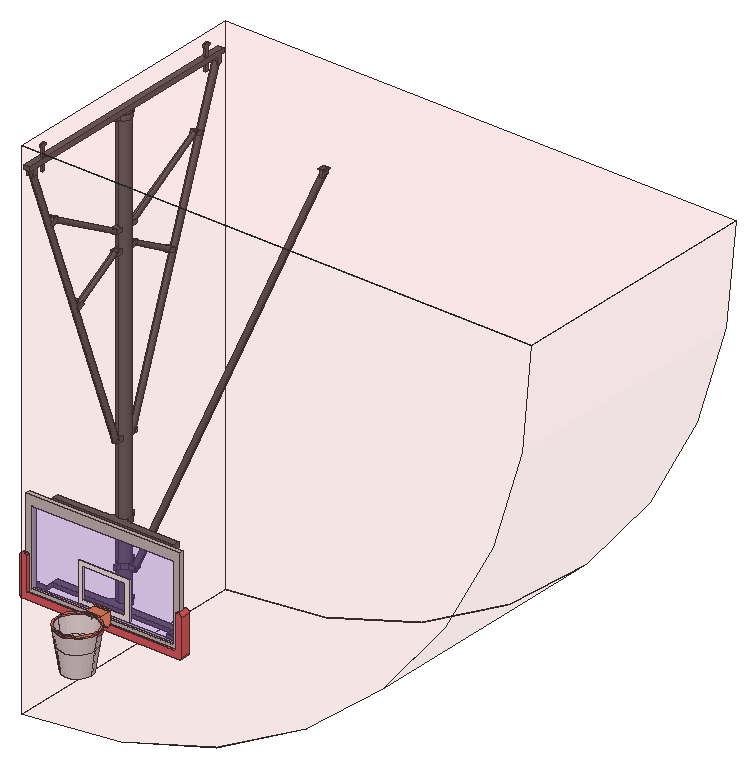
Revit family "Gymnasium-Eqpt_Basketball_IPIbybison_IP1345SF-XtraHeight", category Specialty Equipment, Revit 2018
Family settings
  Round Connector Dimension = Use Diameter
  Part Type = Normal
  Always vertical = Yes
  Cut with Voids When Loaded = No
  Shared = No
  Room Calculation Point = No
Parameters (values of type "Right Fold")
  swingvis [instance] = and(Swing Clearance Visible, or(Fold Left, Fold Right))  # yes
  swingangle [instance] = if(Fold Left, 90.00°, -90.00°)  # -90.00°
  Warranty Duration (Years) = 0
  Unit Weight [instance] = 0
  URL = "https://ipibybison.com/"
  Swing Clearance Visible [instance] = yes
  Specification = ""
  SpecWizard = ""
  Set Frame Below Truss Level [instance] = -0' - 1"
  Sales Information = "https://ipibybison.com/ArchitectsPage.php"
  Rim Color [instance] = Plastic - IPI by Bison - Orange OR
  Revision = "R1_01-2018"
  Product Properties = ""
  Product Data = "http://www.arcat.com/arcatcos/cos49/arc49571.html"
  Net Color [instance] = Finish - IPI by Bison - White Netting
  Model = "IP1345SFR 23'"
  Manufacturer Website = "https://ipibybison.com/"
  Manufacturer Phone - Toll Free = "800-637-7968"
  Manufacturer Phone = ""
  Manufacturer Fax = "800-638-0698"
  Manufacturer Address = "603 L St  Lincoln, NE 68508"
  Manufacturer = "IPI by Bison"
  Maintenance Schedule (Months) = 0
  Installation-Fabrication = ""
  Installation Phase = ""
  Green Building-LEED = ""
  Glass [instance] = Glass
  Frame Finish [instance] = Finish - IPI by Bison - Black
  Folding Clearance [instance] = ARCAT Clearance
  Fold Right = yes
  Fold Left = no
  F_Length of Piping Below Brace Point [instance] = 1' - 6"
  FF to Top of Hoop [instance] = 10' - 0"
  Expected Lifespan (Years) = 0
  Drawn By = "Sumex Design, Inc. / Robert S. Weygant, CSI, CDT, SCIP"
  Description = "IPI by Bison Right Side Folding Basketball Frame and Backboard - IP1345SFR 28' as Specified"
  Copyright = "©Arcat Inc."
  Construction Details = ""
  Backboard Type = Backboard_BA42XLGlass : Backboard_BA42XLGlass
  Backboard Square Color [instance] = Finish - IPI by Bison - White
  Backboard Padding Color [instance] = Plastic - IPI by Bison - Scarlet SC
  Backboard Frame Color [instance] = Finish - IPI by Bison - Satin Aluminum
  Backboard Distance from Wall [instance] = 7' - 0"
  B_Distance Between Y Frame Supports [instance] = 8' - 0"  # constant formula
  Available Options = "as Specified"
  A_Distance to Brace [instance] = 7' - 10"
Types (2): name | swingangle | Model | Fold Right | Fold Left | Description
  Right Fold | -90.00° | "IP1345SFR 23'" | yes | no | "IPI by Bison Right Side Folding Basketball Frame and Backboard - IP1345SFR 28' as Specified"
  Left Fold | 90.00° | "IP1345SFL 23'" | no | yes | "IPI by Bison Left Side Folding Basketball Frame and Backboard - IP1345SFL 28' as Specified"
Reference planes (in)
  plane 1 "Center (Front/Back)": y = 0
  plane 2: z = 0
  plane 3 "Center (Left/Right)": x = 0
  plane 4: y = -84
  plane 5: z = 120
  plane 6: y = -132
  plane 7: y = -36
Forms (in)
  Revolve 1, solid, material "ARCAT Clearance" <- "Folding Clearance", visible <- "swingvis"
    sketch origin (0, 0, 0) x (0, 1, 0) y (0, 0, 1)
      loop
        line (-144, 336) -> (-144, 96) -> (-24, 96) -> (-24, 336) -> (-144, 336)
      axis (-144, 336) -> (-24, 336)
    angle from 0 to -90 <- "swingangle"
Dimensions and locks (in)
  "Backboard Distance from Wall": plane 4 to plane 1 "Center (Front/Back)"
  "FF to Top of Hoop": plane 5 to level
  equal spacing: plane 6, plane 4, plane 7
  "B_Distance Between Y Frame Supports": plane 6 to plane 7
  locked: Revolve 1 sketch curve to plane 5 at 24
  locked: Revolve 1 sketch curve to plane 6 at 12
  locked: plane 7 to Revolve 1 sketch curve at 12
  aligned and locked: level to plane 2
  aligned and locked: plane 4 to nested 1
  aligned and locked: nested 2 to plane 3 "Center (Left/Right)"
  aligned and locked: nested 3 to plane 3 "Center (Left/Right)"
  aligned and locked: nested 2 to plane 4
  aligned and locked: plane 4 to nested 3
  aligned and locked: Revolve 1 sketch curve to level  (x2)
Automatic sketch dimensions
  plane 1 "Center (Front/Back)" to Revolve 1 sketch curve = 0' - 4"
  Revolve 1 sketch curve to plane 1 "Center (Front/Back)" = 1' - 9"
Nested families (in)
  nested 1: "Backboard_BA42XLGlass" at (0, -84, 120) x (-1, 0, 0) z (0, 0, 1), built-in parameter 1001364 <- "FF to Top of Hoop", backboard color <- "Backboard Frame Color", backboard square color <- "Backboard Square Color", frame finish <- "Frame Finish", glass <- "Glass", rim finish <- "Rim Color", net color <- "Net Color", padding color <- "Backboard Padding Color", height offset <- "FF to Top of Hoop", type "Backboard_BA42XLGlass"
    with rim finish Plastic - IPI by Bison - Orange OR, padding color Plastic - IPI by Bison - Scarlet SC, net color Finish - IPI by Bison - White Netting, height offset 10' - 0", glass Glass, frame finish Finish - IPI by Bison - Black, backboard square color Finish - IPI by Bison - White, backboard color Finish - IPI by Bison - Satin Aluminum
  nested 2: "Frame_RFRB28" at (0, -84, 335) x (0, -1, 0) z (0, 0, 1), built-in parameter 1001364 <- "Set Frame Below Truss Level", a <- "A_Distance to Brace", b <- "B_Distance Between Y Frame Supports", f <- "F_Length of Piping Below Brace Point", frame <- "Frame Finish", visible <- "Fold Right", type "Frame_RFRB28"
    with frame Finish - IPI by Bison - Black, f 1' - 6", b 8' - 0", a 7' - 10"
  nested 3: "Frame_RFRB28" at (0, -84, 335) x (0, -1, 0) z (0, 0, 1), built-in parameter 1001364 <- "Set Frame Below Truss Level", a <- "A_Distance to Brace", b <- "B_Distance Between Y Frame Supports", f <- "F_Length of Piping Below Brace Point", frame <- "Frame Finish", visible <- "Fold Left", type "Frame_RFRB28"
    with frame Finish - IPI by Bison - Black, f 1' - 6", b 8' - 0", a 7' - 10"
Definition of nested family "Backboard_BA42XLGlass"
  Parameters (values of type "Backboard_BA42XLGlass")
    padding color [instance] = none
    net color [instance] = none
    rim finish [instance] = none
    height offset [instance] = 9' - 6"
    glass [instance] = none
    frame finish [instance] = none
    backboard square color [instance] = none
    backboard color [instance] = none
    Default Elevation = 4' - 0"
  Reference planes (in)
    plane 1 "Center (Front/Back)": y = 0
    plane 2: z = 0
    plane 3 "Center (Left/Right)": x = 0
    plane 4: z = -114
  Forms (in)
    Extrusion 1, solid, material <- "backboard color"
      sketch origin (-8.43545, 11.2937, 28.94441) x (1, 0, 0) y (0, 0, 1)
        loop
          line (-27.56455, 6.99989) -> (-27.56455, -35.00011) -> (44.43545, -35.00011) -> (44.43545, 6.99989) -> (-27.56455, 6.99989)
        loop
          line (41.81045, 2.74989) -> (-24.93955, 2.74989) -> (-24.93955, -32.37511) -> (41.81045, -32.37511) -> (41.81045, 2.74989)
      from 1.125 to -1.125
    Extrusion 2, solid, material <- "padding color"
      sketch origin (-8.43545, 11.2937, 29.06941) x (1, 0, 0) y (0, 0, 1)
        loop
          line (-27.55038, -17.62511) -> (-27.80038, -17.62511)
          arc (-27.80038, -17.62511) -> (-29.03781, -18.13767) -> (-29.55038, -19.37511) r 1.75
          line (-29.55038, -19.37511) -> (-29.55038, -36.12511)
          arc (-29.55038, -36.12511) -> (-29.25748, -36.83222) -> (-28.55038, -37.12511) r 1
          line (-28.55038, -37.12511) -> (45.44962, -37.12511)
          arc (45.44962, -37.12511) -> (46.15673, -36.83222) -> (46.44962, -36.12511) r 1
          line (46.44962, -36.12511) -> (46.44962, -19.37511)
          arc (46.44962, -19.37511) -> (45.93706, -18.13767) -> (44.69962, -17.62511) r 1.75
          line (44.69962, -17.62511) -> (44.42127, -17.62511)
          arc (44.42127, -17.62511) -> (43.71416, -17.918) -> (43.42127, -18.62511) r 1
          line (43.42127, -18.62511) -> (43.42127, -33.98376) -> (-26.55038, -33.98376) -> (-26.55038, -18.62511)
          arc (-26.55038, -18.62511) -> (-26.84327, -17.918) -> (-27.55038, -17.62511) r 1
      from -2.18697 to 2.14819
    Revolve 3, solid, material <- "net color"
      sketch origin (-8.43545, 27.4812, 28.93687) x (1, 0, 0) y (0, 0, 1)
        loop
          circle (-0.85808, -29.24642) r 0.3125
        loop
          line (-1.03195, -29.9762) -> (0.27041, -37.36226) -> (1.80132, -48.25521) -> (2.05377, -48.25521) -> (0.51737, -37.32314) -> (-0.77809, -29.9762) -> (-1.03195, -29.9762)
        axis (8.43545, -48.25521) -> (8.43545, -29.24642)
      angle from 0 to 360
    Revolve 4, solid, material <- "rim finish"
      sketch origin (0.02792, 11.2937, 0) x (0, 1, 0) y (0, 0, 1)
        loop
          line (6.79001, -0.625) -> (6.54001, -0.625) -> (6.54001, -2.125) -> (6.79001, -2.125) -> (6.79001, -0.625)
        axis (16.04001, -2.125) -> (16.04001, -0.625)
      angle from -90 to 90
    Extrusion 5, solid, material <- "rim finish"
      sketch origin (0, 0, 0) x (0, 1, 0) y (0, 0, 1)
        loop
          line (17.69724, 0) -> (12.8212, 0) -> (13.12361, 1.21287) -> (12.79369, 1.29513) -> (12.47078, 0) -> (12.47078, -6.5) -> (13.63137, -6.5) -> (17.69724, -2.43414) -> (17.69724, 0)
      from -3.50075 to 3.49925
    Extrusion 6, solid, material <- "backboard square color"
      sketch origin (0.02792, 11.2937, 0) x (1, 0, 0) y (0, 0, 1)
        loop
          line (-12.02792, 16.0023) -> (-12.02792, -1.9977) -> (11.97208, -1.9977) -> (11.97208, 16.0023) -> (-12.02792, 16.0023)
        loop
          line (-10.02792, 14.0023) -> (-10.02792, 0) -> (9.97208, 0) -> (9.97208, 14.0023) -> (-10.02792, 14.0023)
      from -0.44333 to 0.05679
    Extrusion 7, solid, material <- "glass"
      sketch origin (0.02792, 11.2937, 0) x (1, 0, 0) y (0, 0, 1)
        loop
          line (-33.40292, 31.6943) -> (-33.40292, -3.4307) -> (33.34708, -3.4307) -> (33.34708, 31.6943) -> (-33.40292, 31.6943)
      from -0.405 to 0
    Extrusion 8, solid, material <- "frame finish"
      sketch origin (0, 11.2937, 0) x (1, 0, 0) y (0, 1, 0)
        loop
          line (-28.5, -7.7495) -> (-6, -7.7495) -> (-6, -8.1245) -> (-4.12188, -8.1245) -> (-3.02199, -10.02957)
          arc (-3.02199, -10.02957) -> (-2.89931, -12.81607) -> (-0.66175, -14.4813) r 3.25
          line (-0.66175, -14.4813) -> (-0.66175, -16.28845) -> (0.60591, -16.28845) -> (0.60591, -14.4813)
          arc (0.60591, -14.4813) -> (2.82905, -12.84298) -> (2.98938, -10.08605) r 3.25
          line (2.98938, -10.08605) -> (4.12188, -8.1245) -> (6, -8.1245) -> (6, -7.7495) -> (28.5, -7.7495) -> (28.5, -1.4995) -> (33, -1.4995) -> (33, -1.125) -> (28.25, -1.125) -> (28.25, -4.7495) -> (-28.25, -4.7495) -> (-28.25, -1.125) -> (-33, -1.125) -> (-33, -1.4995) -> (-28.5, -1.4995) -> (-28.5, -7.7495)
      from -3.4307 to -1.5237
    Extrusion 9, solid, material <- "frame finish"
      sketch origin (0, 11.2937, 0) x (1, 0, 0) y (0, 1, 0)
        loop
          line (-28.5, -7.7495) -> (-6, -7.7495) -> (-6, -8.1245) -> (-4.12188, -8.1245) -> (-3.02199, -10.02957)
          arc (-3.02199, -10.02957) -> (-2.89931, -12.81607) -> (-0.66175, -14.4813) r 3.25
          line (-0.66175, -14.4813) -> (-0.66175, -16.28845) -> (0.60591, -16.28845) -> (0.60591, -14.4813)
          arc (0.60591, -14.4813) -> (2.82905, -12.84298) -> (2.98938, -10.08605) r 3.25
          line (2.98938, -10.08605) -> (4.12188, -8.1245) -> (6, -8.1245) -> (6, -7.7495) -> (28.5, -7.7495) -> (28.5, -1.4995) -> (33, -1.4995) -> (33, -1.125) -> (28.25, -1.125) -> (28.25, -4.7495) -> (-28.25, -4.7495) -> (-28.25, -1.125) -> (-33, -1.125) -> (-33, -1.4995) -> (-28.5, -1.4995) -> (-28.5, -7.7495)
      from 31.75979 to 34.1423
  Lines and regions (in)
    model lines
      curve 1: line (-0.00075, 0, 0) -> (-0.00075, 0, -114)
  Dimensions and locks (in)
    "height offset": level to plane 4
    aligned and locked: plane 2 to level
    aligned and locked: plane 4 to curve 1
  Automatic sketch dimensions
    curve 1 to level = 0' - 0"
    curve 1 to plane 3 "Center (Left/Right)" = 0' - 0.00075"
    Extrusion 1 sketch curve to plane 3 "Center (Left/Right)" = 3' - 0"
    Extrusion 1 sketch curve to Extrusion 1 sketch curve = 0' - 2 5/8"  (x2)
    plane 3 "Center (Left/Right)" to Extrusion 1 sketch curve = 2' - 9 3/8"
    Extrusion 1 sketch curve to level = 0' - 6.0557"
    Extrusion 1 sketch curve to level = 0' - 3.4307"
    level to Extrusion 1 sketch curve = 2' - 7.6943"
    Extrusion 1 sketch curve to Extrusion 1 sketch curve = 0' - 4 1/4"
    level to Extrusion 2 sketch curve = 0' - 9.6943"
    Extrusion 2 sketch curve to plane 3 "Center (Left/Right)" = 3' - 1.98582"
    Extrusion 2 sketch curve to Extrusion 2 sketch curve = 0' - 1"  (x4)
    Extrusion 2 sketch curve to Extrusion 2 sketch curve = 0' - 1 3/4"
    Extrusion 2 sketch curve to Extrusion 2 sketch curve = 0' - 0 1/4"
    level to Extrusion 2 sketch curve = 0' - 10.4443"
    plane 3 "Center (Left/Right)" to Extrusion 2 sketch curve = 2' - 10.98582"
    Extrusion 2 sketch curve to Extrusion 2 sketch curve = 0' - 0.27835"
    Extrusion 2 sketch curve to Extrusion 2 sketch curve = 0' - 2.02835"
    Extrusion 2 sketch curve to level = 0' - 4.91435"
    Extrusion 2 sketch curve to Extrusion 2 sketch curve = 0' - 2.14135"
    Revolve 3 sketch curve to plane 3 "Center (Left/Right)" = 0' - 0"
    Revolve 3 sketch curve to plane 3 "Center (Left/Right)" = 0' - 6.38167"
    Revolve 3 sketch curve to Revolve 3 sketch curve = 0' - 0.25246"
    Revolve 3 sketch curve to plane 3 "Center (Left/Right)" = 0' - 7.91808"
    Revolve 3 sketch curve to Revolve 3 sketch curve = 0' - 0.24696"
    Revolve 3 sketch curve to level = 0' - 1.03933"
    Revolve 3 sketch curve to Revolve 3 sketch curve = 0' - 1.0485"
    Revolve 3 sketch curve to level = 0' - 0.30954"
    Revolve 3 sketch curve to Revolve 3 sketch curve = 0' - 0.07999"
    Revolve 3 sketch curve to Revolve 3 sketch curve = 0' - 0.25386"
    Revolve 3 sketch curve to Revolve 3 sketch curve = 0' - 7.34694"
    Revolve 3 sketch curve to Revolve 3 sketch curve = 0' - 0.03911"
    Revolve 3 sketch curve to Revolve 3 sketch curve = 0' - 10.89295"
    Revolve 3 sketch curve to level = 0' - 0.00754"
    level to Revolve 3 sketch curve = 0' - 2.99246"
    Revolve 4 sketch curve to level = 0' - 2 1/8"
    Revolve 4 sketch curve to plane 1 "Center (Front/Back)" = 1' - 5.83371"
    Revolve 4 sketch curve to Revolve 4 sketch curve = 0' - 0 1/4"
    Revolve 4 sketch curve to level = 0' - 0 5/8"  (x2)
    Revolve 4 sketch curve to Revolve 4 sketch curve = 0' - 9 1/4"
    level to Revolve 4 sketch curve = 0' - 3 1/8"
    Extrusion 5 sketch curve to level = 0' - 0"  (x2)
    Extrusion 5 sketch curve to plane 1 "Center (Front/Back)" = 1' - 0.47078"
    level to Extrusion 5 sketch curve = 0' - 1.29513"
    Extrusion 5 sketch curve to Extrusion 5 sketch curve = 0' - 0.32291"
    Extrusion 5 sketch curve to Extrusion 5 sketch curve = 0' - 0.35043"
    Extrusion 5 sketch curve to Extrusion 5 sketch curve = 0' - 1.16059"
    Extrusion 5 sketch curve to Extrusion 5 sketch curve = 0' - 4.57363"
    Extrusion 5 sketch curve to Extrusion 5 sketch curve = 0' - 2.43414"
    Extrusion 5 sketch curve to Extrusion 5 sketch curve = 0' - 6 1/2"
    Extrusion 6 sketch curve to level = 0' - 0"
    Extrusion 6 sketch curve to level = 0' - 1.9977"
    Extrusion 6 sketch curve to plane 3 "Center (Left/Right)" = 1' - 0"
    Extrusion 6 sketch curve to Extrusion 6 sketch curve = 0' - 2"  (x3)
    plane 3 "Center (Left/Right)" to Extrusion 6 sketch curve = 0' - 10"
    Extrusion 6 sketch curve to Extrusion 6 sketch curve = 1' - 2.0023"
    Extrusion 7 sketch curve to plane 3 "Center (Left/Right)" = 2' - 9 3/8"
    Extrusion 7 sketch curve to level = 0' - 3.4307"
    plane 3 "Center (Left/Right)" to Extrusion 7 sketch curve = 2' - 9 3/8"
    level to Extrusion 7 sketch curve = 2' - 7.6943"
    Extrusion 8 sketch curve to Extrusion 8 sketch curve = 0' - 0"  (x3)
    plane 1 "Center (Front/Back)" to Extrusion 8 sketch curve = 0' - 0"
    Extrusion 8 sketch curve to plane 1 "Center (Front/Back)" = 0' - 9.7942"
    Extrusion 8 sketch curve to plane 3 "Center (Left/Right)" = 2' - 9"
    Extrusion 8 sketch curve to plane 1 "Center (Front/Back)" = 0' - 3.5442"
    Extrusion 8 sketch curve to Extrusion 8 sketch curve = 0' - 4 1/2"  (x2)
    Extrusion 8 sketch curve to Extrusion 8 sketch curve = 0' - 0 1/4"  (x2)
    Extrusion 8 sketch curve to plane 3 "Center (Left/Right)" = 0' - 6"
    Extrusion 8 sketch curve to Extrusion 8 sketch curve = 0' - 1.87812"  (x2)
    Extrusion 8 sketch curve to Extrusion 8 sketch curve = 0' - 1.09989"
    Extrusion 8 sketch curve to plane 3 "Center (Left/Right)" = 0' - 0.66175"
    Extrusion 8 sketch curve to plane 3 "Center (Left/Right)" = 0' - 0.02792"
    plane 3 "Center (Left/Right)" to Extrusion 8 sketch curve = 0' - 0.60591"
    Extrusion 8 sketch curve to plane 1 "Center (Front/Back)" = 0' - 1.20765"
    plane 3 "Center (Left/Right)" to Extrusion 8 sketch curve = 0' - 2.98938"
    Extrusion 8 sketch curve to Extrusion 8 sketch curve = 0' - 1.1325"
    Extrusion 8 sketch curve to plane 1 "Center (Front/Back)" = 0' - 10.1687"
    Extrusion 8 sketch curve to Extrusion 8 sketch curve = 1' - 10 1/4"
    Extrusion 8 sketch curve to Extrusion 8 sketch curve = 0' - 1.80715"
    Extrusion 8 sketch curve to Extrusion 8 sketch curve = 0' - 0 3/8"  (x2)
    Extrusion 8 sketch curve to plane 1 "Center (Front/Back)" = 0' - 3.1692"
    Extrusion 8 sketch curve to Extrusion 8 sketch curve = 0' - 3"
    Extrusion 8 sketch curve to Extrusion 8 sketch curve = 0' - 0.3745"  (x2)
    Extrusion 9 sketch curve to Extrusion 9 sketch curve = 0' - 0"  (x3)
    plane 1 "Center (Front/Back)" to Extrusion 9 sketch curve = 0' - 0"
    Extrusion 9 sketch curve to plane 1 "Center (Front/Back)" = 0' - 9.7942"
    Extrusion 9 sketch curve to plane 3 "Center (Left/Right)" = 2' - 9"
    Extrusion 9 sketch curve to plane 1 "Center (Front/Back)" = 0' - 3.5442"  (x2)
    Extrusion 9 sketch curve to Extrusion 9 sketch curve = 0' - 4 1/2"  (x2)
    Extrusion 9 sketch curve to Extrusion 9 sketch curve = 0' - 0 1/4"  (x2)
    Extrusion 9 sketch curve to plane 3 "Center (Left/Right)" = 0' - 6"
    Extrusion 9 sketch curve to Extrusion 9 sketch curve = 0' - 1.87812"  (x2)
    Extrusion 9 sketch curve to Extrusion 9 sketch curve = 0' - 1.09989"
    Extrusion 9 sketch curve to plane 3 "Center (Left/Right)" = 0' - 0.66175"
    Extrusion 9 sketch curve to plane 3 "Center (Left/Right)" = 0' - 0.02792"
    plane 3 "Center (Left/Right)" to Extrusion 9 sketch curve = 0' - 0.60591"
    Extrusion 9 sketch curve to plane 1 "Center (Front/Back)" = 0' - 1.20765"
    plane 3 "Center (Left/Right)" to Extrusion 9 sketch curve = 0' - 2.98938"
    Extrusion 9 sketch curve to Extrusion 9 sketch curve = 0' - 1.1325"
    Extrusion 9 sketch curve to plane 1 "Center (Front/Back)" = 0' - 10.1687"
    Extrusion 9 sketch curve to Extrusion 9 sketch curve = 1' - 10 1/4"
    Extrusion 9 sketch curve to Extrusion 9 sketch curve = 0' - 1.80715"
    Extrusion 9 sketch curve to Extrusion 9 sketch curve = 0' - 0 3/8"
    Extrusion 9 sketch curve to plane 1 "Center (Front/Back)" = 0' - 3.1692"
    Extrusion 9 sketch curve to Extrusion 9 sketch curve = 0' - 3"
    Extrusion 9 sketch curve to Extrusion 9 sketch curve = 0' - 0.3745"  (x2)
    radius of Revolve 3 sketch curve = 0' - 0 5/16"
Definition of nested family "Frame_RFRB28"
  Parameters (values of type "Frame_RFRB28")
    frame [instance] = none
    f [instance] = 1' - 6"
    b [instance] = 8' - 0"  # constant formula
    a [instance] = 7' - 10"
    Default Elevation = 4' - 0"
  Reference planes (in)
    plane 1 "Center (Front/Back)": y = 0
    plane 2: z = 0
    plane 3 "Center (Left/Right)": x = 0
    plane 4: z = -4.125
    plane 5: x = -48
    plane 6: x = 48
    plane 7: z = -218.99815
    plane 8: y = 94
    plane 9: z = -200.99815
    plane 10: z = -146.99815
  Forms (in)
    Extrusion 1, solid, material <- "frame"
      sketch origin (0, 0, 0) x (-1, 0, 0) y (0, 0, 1)
        loop
          line (-48.5, -3.57547) -> (-49.1801, -3.57547) -> (-49.1801, -4.57547) -> (-48.5, -4.57547) -> (-48.5, -14.94659) -> (-47.5, -14.94659) -> (-47.5, -4.50272) -> (-46.31181, -4.50272) -> (-46.31181, -3.67379) -> (-47.125, -3.67379) -> (-47.125, -3.45566) -> (-48.5, -3.45566) -> (-48.5, -3.57547)
        loop
          line (47.5, -3.57547) -> (46.8199, -3.57547) -> (46.8199, -4.57547) -> (47.5, -4.57547) -> (47.5, -14.94659) -> (48.5, -14.94659) -> (48.5, -4.50272) -> (49.68819, -4.50272) -> (49.68819, -3.67379) -> (48.875, -3.67379) -> (48.875, -3.45566) -> (47.5, -3.45566) -> (47.5, -3.57547)
      from -0.4375 to 0.4375
    Extrusion 2, solid, material <- "frame"
      sketch origin (0, 0, 0) x (-1, 0, 0) y (0, -1, 0)
        loop
          circle (0, 0) r 3
      from -218.99815 to -10.81466
    Extrusion 3, solid, material <- "frame"
      sketch origin (0, 0, 0) x (-1, 0, 0) y (0, -1, 0)
        loop
          line (-5.03472, 0.60591) -> (-5.03472, -0.60591) -> (-3.12072, -0.60591)
          arc (-3.12072, -0.60591) -> (0, -3.179) -> (3.12072, -0.60591) r 3.179
          line (3.12072, -0.60591) -> (5.03472, -0.60591) -> (5.03472, 0.60591) -> (3.12072, 0.60591)
          arc (3.12072, 0.60591) -> (0, 3.179) -> (-3.12072, 0.60591) r 3.179
          line (-3.12072, 0.60591) -> (-5.03472, 0.60591)
      from -13.07366 to -11.07366
    Sweep 4, solid, material <- "frame"
      path origin (0, 0, 0) x (0, -1, 0) y (0, 0, 1)
        loop
          line (-4.7442, -202.45823) -> (-94, -3.76608)
      profile origin (0, 49.3721, -103.11215) x (0, 0.912189, -0.40977) y (-1, 0, 0)
        loop
          circle (0, 0) r 1.1875
    Extrusion 5, solid, material <- "frame"
      sketch origin (0, -23.21476, -200.99815) x (0, -1, 0) y (1, 0, 0)
        loop
          line (-22.60885, 5.03472) -> (-23.82067, 5.03472) -> (-23.82067, 3.12072)
          arc (-23.82067, 3.12072) -> (-25.10199, 2.55821) -> (-26.01762, 1.5) r 3.179
          line (-26.01762, 1.5) -> (-29.32067, 1.5) -> (-29.32067, -1.5) -> (-26.01762, -1.5)
          arc (-26.01762, -1.5) -> (-25.10199, -2.55821) -> (-23.82067, -3.12072) r 3.179
          line (-23.82067, -3.12072) -> (-23.82067, -5.03472) -> (-22.60885, -5.03472) -> (-22.60885, -3.12072)
          arc (-22.60885, -3.12072) -> (-20.03576, 0) -> (-22.60885, 3.12072) r 3.179
          line (-22.60885, 3.12072) -> (-22.60885, 5.03472)
      from 1 to -1
    Extrusion 6, solid, material <- "frame"
      sketch origin (0, 0, -1.125) x (0, -1, 0) y (0, 0, 1)
        loop
          line (-94.625, -0.80732) -> (-94.625, -3.80732) -> (-93.375, -3.80732) -> (-93.375, -0.80732) -> (-94.625, -0.80732)
      from -1.5 to 1.5
    Extrusion 7, solid, material <- "frame"
      sketch origin (0, 0, -1.125) x (0, -1, 0) y (0, 0, 1)
        loop
          line (-95.5, -0.80732) -> (-95.5, -1.05732) -> (-92.5, -1.05732) -> (-92.5, -0.80732) -> (-95.5, -0.80732)
      from -1.5 to 1.5
    Extrusion 8, solid, material <- "frame"
      sketch origin (0, -0.03, 0) x (1, 0, 0) y (0, 0, 1)
        loop
          line (-57, -8.85715) -> (-57, -10.85715) -> (-55, -10.85715) -> (-55, -14.10715) -> (-53, -14.10715) -> (-53, -10.85715) -> (53, -10.85715) -> (53, -14.10715) -> (55, -14.10715) -> (55, -10.85715) -> (57, -10.85715) -> (57, -8.85715) -> (-57, -8.85715)
      from -1.53 to 1.47
    Sweep 9, solid, material <- "frame"
      path origin (0, -0.03, 0) x (-1, 0, 0) y (0, 0, 1)
        loop
          line (-54.25831, -12.58204) -> (-4.68934, -147.70227)
      profile origin (29.47382, -0.03, -80.14215) x (0.93882, 0, -0.344407) y (0, -1, 0)
        loop
          circle (0, 0) r 1.2175
    Extrusion 10, solid, material <- "frame"
      sketch origin (0, -0.03, 0) x (1, 0, 0) y (0, 0, 1)
        loop
          line (-44.88847, -38.1233) -> (-44.19966, -40.00094) -> (-40.5513, -38.66254) -> (-41.24011, -36.7849) -> (-44.88847, -38.1233)
        loop
          line (-29.35533, -80.46516) -> (-28.66652, -82.3428) -> (-25.14594, -81.05127) -> (-25.83475, -79.17363) -> (-29.35533, -80.46516)
        loop
          line (-2.78107, -58.17015) -> (-5.78107, -58.17015) -> (-5.78107, -60.17015) -> (-2.78107, -60.17015) -> (-2.78107, -58.17015)
        loop
          line (-2.78107, -67.17015) -> (-5.78107, -67.17015) -> (-5.78107, -69.17015) -> (-2.78107, -69.17015) -> (-2.78107, -67.17015)
        loop
          line (44.88847, -38.1233) -> (41.24011, -36.7849) -> (40.5513, -38.66254) -> (44.19966, -40.00094) -> (44.88847, -38.1233)
        loop
          line (29.35533, -80.46516) -> (25.83475, -79.17363) -> (25.14594, -81.05127) -> (28.66652, -82.3428) -> (29.35533, -80.46516)
        loop
          line (2.78107, -58.17015) -> (2.78107, -60.17015) -> (5.78107, -60.17015) -> (5.78107, -58.17015) -> (2.78107, -58.17015)
        loop
          line (2.78107, -67.17015) -> (2.78107, -69.17015) -> (5.78107, -69.17015) -> (5.78107, -67.17015) -> (2.78107, -67.17015)
        loop
          line (-2.69765, -147.99815) -> (-2.69765, -145.99815) -> (-5.69765, -145.99815) -> (-5.69765, -147.99815) -> (-2.69765, -147.99815)
        loop
          line (2.69765, -147.99815) -> (5.69765, -147.99815) -> (5.69765, -145.99815) -> (2.69765, -145.99815) -> (2.69765, -147.99815)
      from -1.42904 to 1.345
    Sweep 11, solid, material <- "frame"
      path origin (0, -0.03, 0) x (1, 0, 0) y (0, 0, 1)
        loop
          line (-42.36358, -37.61622) -> (-4.38156, -59.54515)
      profile origin (-23.37257, -0.03, -48.58069) x (0.5, 0, 0.866025) y (0, -1, 0)
        loop
          circle (0, 0) r 1
    Sweep 12, solid, material <- "frame"
      path origin (0, -0.03, 0) x (-1, 0, 0) y (0, 0, 1)
        loop
          line (-42.36358, -37.61622) -> (-4.38156, -59.54515)
      profile origin (23.37257, -0.03, -48.58069) x (0.5, 0, -0.866025) y (0, -1, 0)
        loop
          circle (0, 0) r 1
    Sweep 13, solid, material <- "frame"
      path origin (0, -0.03, 60) x (1, 0, 0) y (0, 0, 1)
        loop
          line (-26.81592, -140.66699) -> (-4.38156, -127.7145)
      profile origin (-15.59874, -0.03, -74.19074) x (-0.5, 0, 0.866025) y (0, -1, 0)
        loop
          circle (0, 0) r 1
    Sweep 14, solid, material <- "frame"
      path origin (0, -0.03, 60) x (-1, 0, 0) y (0, 0, 1)
        loop
          line (-26.81592, -140.66699) -> (-4.38156, -127.7145)
      profile origin (15.59874, -0.03, -74.19074) x (-0.5, 0, -0.866025) y (0, -1, 0)
        loop
          circle (0, 0) r 1
    Sweep 15, solid, material <- "frame"
      path origin (0, -0.03, 0) x (1, 0, 0) y (0, 0, 1)
        loop
          line (-54.25831, -12.58204) -> (-4.68934, -147.70227)
      profile origin (-29.47382, -0.03, -80.14215) x (0.93882, 0, 0.344407) y (0, -1, 0)
        loop
          circle (0, 0) r 1.2175
  Dimensions and locks (in)
    equal spacing: plane 5, plane 3 "Center (Left/Right)", plane 6
    "b": plane 5 to plane 6
    locked: level to plane 4 at 4.125
    Extrusion 1 sketch curve to Extrusion 1 sketch curve to Extrusion 1 sketch curve to plane 5 to Extrusion 1 sketch curve to Extrusion 1 sketch curve to Extrusion 1 sketch curve = 0' - 0.81319" locked, 0' - 0 3/8" locked, 0' - 0 1/2" locked, 0' - 0 1/2" locked, 0' - 0" locked, 0' - 0.6801" locked
    Extrusion 1 sketch curve to Extrusion 1 sketch curve to Extrusion 1 sketch curve to plane 6 to Extrusion 1 sketch curve to Extrusion 1 sketch curve to Extrusion 1 sketch curve = 0' - 0.81319" locked, 0' - 0 3/8" locked, 0' - 0 1/2" locked, 0' - 0 1/2" locked, 0' - 0" locked, 0' - 0.6801" locked
    "a": plane 1 "Center (Front/Back)" to plane 8
    Extrusion 7 sketch curve to plane 8 to Extrusion 7 sketch curve = 0' - 1 1/2" locked, 0' - 1 1/2" locked
    Extrusion 6 sketch curve to plane 8 to Extrusion 6 sketch curve = 0' - 0 5/8" locked, 0' - 0 5/8" locked
    locked: plane 8 to Sweep 4 sketch curve at 0
    locked: level to Sweep 4 sketch curve at 3.76608
    locked: plane 1 "Center (Front/Back)" to Sweep 4 sketch curve at 4.7442
    Extrusion 10 sketch curve to Extrusion 10 sketch curve = 0' - 2"  (x2)
    locked: level to Sweep 9 sketch curve at 147.70227
    locked: Sweep 9 sketch curve to plane 3 "Center (Left/Right)" at 4.68934
    locked: level to Sweep 15 sketch curve at 147.70227
    locked: plane 3 "Center (Left/Right)" to Sweep 15 sketch curve at 4.68934
    locked: level to Extrusion 10 sketch curve at 145.99815  (x2)
    locked: level to plane 10 at 146.99815
    locked: plane 9 to plane 10 at 54
    "f": plane 9 to plane 7
    locked: level to Sweep 4 sketch curve at 202.45823
    aligned and locked: plane 2 to level
    aligned and locked: plane 7 to Extrusion 2
  Automatic sketch dimensions
    plane 4 to Extrusion 1 sketch curve = 0' - 0.54953"  (x2)
    Extrusion 1 sketch curve to plane 4 = 0' - 0.37772"  (x2)
    Extrusion 1 sketch curve to plane 4 = 0' - 0.45047"  (x2)
    Extrusion 1 sketch curve to Extrusion 1 sketch curve = 0' - 10.37112"  (x2)
    plane 4 to Extrusion 1 sketch curve = 0' - 0.45121"  (x2)
    Extrusion 1 sketch curve to Extrusion 1 sketch curve = 0' - 0.21814"  (x2)
    plane 1 "Center (Front/Back)" to Extrusion 2 sketch curve = 0' - 0"
    Extrusion 2 sketch curve to plane 3 "Center (Left/Right)" = 0' - 0"
    Extrusion 3 sketch curve to Extrusion 3 sketch curve = 0' - 0"  (x3)
    plane 1 "Center (Front/Back)" to Extrusion 3 sketch curve = 0' - 0"
    Extrusion 3 sketch curve to plane 3 "Center (Left/Right)" = 0' - 0"
    Extrusion 3 sketch curve to plane 1 "Center (Front/Back)" = 0' - 0.60591"  (x2)
    plane 3 "Center (Left/Right)" to Extrusion 3 sketch curve = 0' - 3.12072"
    plane 1 "Center (Front/Back)" to Extrusion 3 sketch curve = 0' - 0.60591"  (x2)
    Extrusion 3 sketch curve to Extrusion 3 sketch curve = 0' - 1.914"  (x2)
    Extrusion 3 sketch curve to plane 3 "Center (Left/Right)" = 0' - 3.12072"
    profile plane to Sweep 4 sketch curve = 0' - 0"
    Sweep 4 sketch curve to profile plane = 0' - 0"
    Extrusion 6 sketch curve to plane 4 = 0' - 0.80732"
    Extrusion 6 sketch curve to level = 0' - 1.93232"
    plane 4 to Extrusion 7 sketch curve = 0' - 1.94268"
    Extrusion 7 sketch curve to Extrusion 7 sketch curve = 0' - 0 1/4"
    plane 5 to Extrusion 8 sketch curve = 0' - 9"
    Extrusion 8 sketch curve to Extrusion 8 sketch curve = 0' - 2"  (x5)
    Extrusion 8 sketch curve to plane 6 = 0' - 5"
    Extrusion 8 sketch curve to plane 4 = 0' - 9.98215"  (x2)
    Extrusion 8 sketch curve to Extrusion 8 sketch curve = 0' - 3 1/4"  (x2)
    Extrusion 8 sketch curve to Extrusion 8 sketch curve = 0' - 0"
    plane 6 to Sweep 9 sketch curve = 0' - 6.25831"
    plane 4 to Sweep 9 sketch curve = 0' - 8 117/256"
    Sweep 9 sketch curve to profile plane = 0' - 0"  (x2)
    Extrusion 10 sketch curve to plane 5 = 0' - 3.11153"
    Extrusion 10 sketch curve to Extrusion 10 sketch curve = 0' - 0.68881"  (x4)
    Extrusion 10 sketch curve to Extrusion 10 sketch curve = 0' - 3.64836"
    Extrusion 10 sketch curve to plane 5 = 1' - 6.64467"
    Extrusion 10 sketch curve to Extrusion 10 sketch curve = 0' - 3.52058"  (x2)
    Extrusion 10 sketch curve to plane 3 "Center (Left/Right)" = 0' - 5.78107"  (x2)
    Extrusion 10 sketch curve to plane 3 "Center (Left/Right)" = 0' - 5.69765"
    Extrusion 10 sketch curve to plane 3 "Center (Left/Right)" = 0' - 2.78107"  (x2)
    Extrusion 10 sketch curve to plane 3 "Center (Left/Right)" = 0' - 2.69765"
    plane 3 "Center (Left/Right)" to Extrusion 10 sketch curve = 0' - 2.69765"
    plane 3 "Center (Left/Right)" to Extrusion 10 sketch curve = 0' - 2.78107"  (x2)
    Extrusion 10 sketch curve to Extrusion 10 sketch curve = 0' - 3"  (x3)
    Extrusion 10 sketch curve to Extrusion 10 sketch curve = 1' - 7.36487"
    plane 6 to Extrusion 10 sketch curve = 0' - 7.4487"
    plane 6 to Extrusion 10 sketch curve = 0' - 3.80034"
    Extrusion 10 sketch curve to Extrusion 10 sketch curve = 5' - 3.65535"
    Extrusion 10 sketch curve to Extrusion 10 sketch curve = 0' - 0"  (x3)
    Extrusion 10 sketch curve to Extrusion 10 sketch curve = 0' - 1.29153"  (x2)
    Extrusion 10 sketch curve to Extrusion 10 sketch curve = 0' - 10.00348"
    Extrusion 10 sketch curve to Extrusion 10 sketch curve = 0' - 2"  (x4)
    Extrusion 10 sketch curve to Extrusion 10 sketch curve = 0' - 7"
    Extrusion 10 sketch curve to level = 3' - 4.00094"  (x2)
    Extrusion 10 sketch curve to Extrusion 10 sketch curve = 0' - 1.3384"  (x2)
    Sweep 11 sketch curve to plane 5 = 0' - 5.63642"
    Sweep 11 sketch curve to plane 3 "Center (Left/Right)" = 0' - 4.38156"
    Sweep 11 sketch curve to plane 4 = 4' - 7.42015"
    Sweep 11 sketch curve to plane 4 = 2' - 9.49122"
    Sweep 11 sketch curve to profile plane = 0' - 0"  (x2)
    Sweep 12 sketch curve to plane 6 = 0' - 5.63642"
    Sweep 12 sketch curve to plane 3 "Center (Left/Right)" = 0' - 4.38156"
    plane 4 to Sweep 12 sketch curve = 4' - 7.42015"
    plane 4 to Sweep 12 sketch curve = 2' - 9.49122"
    Sweep 12 sketch curve to profile plane = 0' - 0"  (x2)
    Sweep 13 sketch curve to plane 5 = 1' - 9.18408"
    Sweep 13 sketch curve to plane 3 "Center (Left/Right)" = 0' - 4.38156"
    Sweep 13 sketch curve to Sweep 13 sketch curve = 1' - 0.95249"
    Sweep 13 sketch curve to profile plane = 0' - 0"
    profile plane to Sweep 13 sketch curve = 0' - 0"
    Sweep 14 sketch curve to plane 6 = 1' - 9.18408"
    Sweep 14 sketch curve to plane 3 "Center (Left/Right)" = 0' - 4.38156"
    Sweep 14 sketch curve to Sweep 14 sketch curve = 1' - 0.95249"
    Sweep 14 sketch curve to profile plane = 0' - 0"
    profile plane to Sweep 14 sketch curve = 0' - 0"
    plane 5 to Sweep 15 sketch curve = 0' - 6.25831"
    Sweep 15 sketch curve to plane 4 = 0' - 8 117/256"
    Sweep 15 sketch curve to profile plane = 0' - 0"  (x2)
    Sweep 13 sketch curve to plane 4 = 6' - 4.54199"
    plane 4 to Sweep 14 sketch curve = 6' - 4.54199"
    Extrusion 5 sketch curve to Extrusion 5 sketch curve = 0' - 0"  (x8)
    plane 1 "Center (Front/Back)" to Extrusion 5 sketch curve = 0' - 0"
    Extrusion 5 sketch curve to plane 3 "Center (Left/Right)" = 0' - 0"
    Extrusion 5 sketch curve to plane 1 "Center (Front/Back)" = 0' - 0.60591"  (x2)
    Extrusion 5 sketch curve to Extrusion 5 sketch curve = 0' - 2.19695"  (x2)
    plane 3 "Center (Left/Right)" to Extrusion 5 sketch curve = 0' - 1 1/2"
    Extrusion 5 sketch curve to Extrusion 5 sketch curve = 0' - 3.30305"
    plane 1 "Center (Front/Back)" to Extrusion 5 sketch curve = 0' - 0.60591"  (x2)
    Extrusion 5 sketch curve to plane 3 "Center (Left/Right)" = 0' - 1 1/2"
    Extrusion 5 sketch curve to Extrusion 5 sketch curve = 0' - 1.914"  (x2)
    radius of Extrusion 2 sketch curve = 0' - 3"
    radius of Sweep 4 sketch curve = 0' - 1 3/16"
    radius of Sweep 9 sketch curve = 0' - 1.2175"
    radius of Sweep 11 sketch curve = 0' - 1"
    radius of Sweep 12 sketch curve = 0' - 1"
    radius of Sweep 13 sketch curve = 0' - 1"
    radius of Sweep 14 sketch curve = 0' - 1"
    radius of Sweep 15 sketch curve = 0' - 1.2175"
